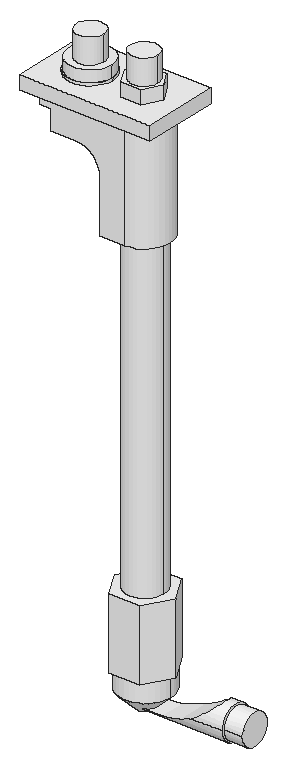
Revit family "MHY-10", category Plumbing Fixtures, host Face, Revit 2026
Family settings
  Host = Face
  Round Connector Dimension = Use Diameter
  Part Type = Normal
  Classification Number = 23.45.55.21
  Enable Cutting in Views = No
  Cut with Voids When Loaded = No
  Maintain Annotation Orientation = No
  Shared = No
  Room Calculation Point = No
Parameters (values of type "MHY-10-14")
  Wall Thikness = 14.000"
  WFU = 0
  URL = "www.mifab.com"
  Model = "MHY-10"
  Manufacturer = "MIFAB"
  Hydrant Material = Chrome Plated
  Description = "Non-Freeze Wall Hydrant"
  Default Elevation = 0.000"
Types (12): name | Wall Thikness
  (no name) | 14.000"
  MHY-10-4 | 4.000"
  MHY-10-6 | 6.000"
  MHY-10-8 | 8.000"
  MHY-10-10 | 10.000"
  MHY-10-12 | 12.000"
  MHY-10-14 | 14.000"
  MHY-10-16 | 16.000"
  MHY-10-18 | 18.000"
  MHY-10-20 | 20.000"
  MHY-10-22 | 22.000"
  MHY-10-24 | 24.000"
Reference planes (in)
  plane 1 "Center (Front/Back)": y = 0
  plane 2: z = 0
  plane 3 "Center (Left/Right)": x = 0
  plane 4: z = -15.7
  plane 5: z = -19.2
  plane 6: z = -1.7
  plane 7: z = -5.364
  plane 8: x = 0.966
Forms (in)
  Extrusion 1, solid, material "Chrome Plated" <- "Hydrant Material"
    sketch origin (-0.41379, 0, -10.36788) x (1, 0, 0) y (0, 1, 0)
      loop
        circle (1.38, 0) r 0.625
    from -5.33212 to 5.00388
  Extrusion 2, solid, material "Chrome Plated" <- "Hydrant Material"
    sketch origin (-0.41379, 0, -18.00514) x (1, 0, 0) y (0, 1, 0)
      loop
        arc (1.38, -0.8125) -> (2.1925, 0) -> (1.38, 0.8125) r 0.8125
        line (1.38, 0.8125) -> (1.38, -0.8125)
    from 12.64114 to 16.30514
  Extrusion 3, solid, material "Chrome Plated" <- "Hydrant Material"
    sketch origin (-0.41379, 0, -18.00514) x (1, 0, 0) y (0, 0, 1)
      loop
        line (-1.398, 16.30514) -> (-1.398, 15.83003) -> (-1.055, 15.78703) -> (-1.055, 15.1529) -> (-0.24047, 15.1529)
        arc (-0.24047, 15.1529) -> (0.31997, 14.92075) -> (0.55211, 14.36031) r 0.79258
        line (0.55211, 14.36031) -> (0.55211, 12.64114) -> (1.38, 12.64114) -> (1.38, 16.30514) -> (-1.398, 16.30514)
    from -0.8125 to 0.8125
  Extrusion 4, solid, material "Chrome Plated" <- "Hydrant Material"
    sketch origin (-0.41379, 0, -10.36788) x (1, 0, 0) y (0, 1, 0)
      loop
        line (-1.71121, -1.25) -> (2.53879, -1.25) -> (2.53879, 1.25) -> (-1.71121, 1.25) -> (-1.71121, -1.25)
    from 8.66788 to 9.11788
  Extrusion 5, solid, material "Chrome Plated" <- "Hydrant Material"
    sketch origin (-10.41379, 0, -10.36788) x (0, 1, 0) y (0, 0, 1)
      loop
        circle (0, -8.28002) r 0.55209
    from 14.36303 to 11.5
  Extrusion 6, void
    sketch origin (-0.94551, 0, -10.42881) x (1, 0, 0) y (0, 0, 1)
      loop
        arc (2.03172, -8.6019) -> (3.49163, -8.39304) -> (4.7131, -7.56661) r 3.28541
        line (4.7131, -7.56661) -> (2.03172, -7.56661) -> (2.03172, -8.6019)
    from -0.8125 to 0.95974
  Extrusion 7, solid, material "Chrome Plated" <- "Hydrant Material"
    sketch origin (-0.95076, 0, -10.36788) x (0, 1, 0) y (0, 0, 1)
      loop
        circle (0, -8.28002) r 0.5
    from 4.9 to 5.5
  Revolve 8, solid, material "Chrome Plated" <- "Hydrant Material"
    sketch origin (0, 0, 0) x (1, 0, 0) y (0, 0, 1)
      loop
        line (0.98038, -15.7) -> (0.13816, -15.7) -> (0.13816, -18.65891) -> (0.69025, -19.2) -> (0.98038, -19.2) -> (0.98038, -15.7)
      axis (0.98038, -15.7) -> (0.98038, -19.2)
    angle from 0 to 360
  Extrusion 9, solid, material "Chrome Plated" <- "Hydrant Material"
    sketch origin (-8.22916, -180, -15.7) x (0, -1, 0) y (-1, 0, 0)
      loop
        line (-180.88671, -9.69718) -> (-179.96366, -10.2301) -> (-179.10612, -9.735) -> (-179.10612, -8.73898) -> (-180, -8.2229) -> (-180.88671, -8.73484) -> (-180.88671, -9.69718)
    from 0 to 2.29542
  Extrusion 10, solid, material "Chrome Plated" <- "Hydrant Material"
    sketch origin (-0.44319, 0, -17.55514) x (1, 0, 0) y (0, 1, 0)
      loop
        circle (-0.38412, 0) r 0.739
    from 16.30514 to 16.37894
  Extrusion 11, solid, material "Chrome Plated" <- "Hydrant Material"
    sketch origin (-0.44319, 0, -17.55514) x (1, 0, 0) y (0, 1, 0)
      loop
        circle (-0.38412, 0) r 0.70723
    from 16.37894 to 16.74065
  Extrusion 12, solid, material "Chrome Plated" <- "Hydrant Material"
    sketch origin (-0.44319, 0, -17.55514) x (1, 0, 0) y (0, 1, 0)
      loop
        circle (-0.38412, 0) r 0.444
    from 16.74065 to 17.55514
  Extrusion 13, solid, material "Chrome Plated" <- "Hydrant Material"
    sketch origin (-0.44319, 0, -17.55514) x (1, 0, 0) y (0, 1, 0)
      loop
        line (0.7505, 0) -> (1.06525, -0.54516) -> (1.69475, -0.54516) -> (2.0095, 0) -> (1.69475, 0.54516) -> (1.06525, 0.54516) -> (0.7505, 0)
    from 16.30514 to 16.74065
  Extrusion 14, solid, material "Chrome Plated" <- "Hydrant Material"
    sketch origin (1.32093, 0, -17.55514) x (1, 0, 0) y (0, 1, 0)
      loop
        circle (-0.38412, 0) r 0.444
    from 16.74065 to 17.55514
Cuts and joins
  Extrusion 6 cuts Extrusion 5
  joined: Extrusion 1, Extrusion 2, Extrusion 3, Extrusion 4, Extrusion 5, Extrusion 7, Revolve 8, Extrusion 9, Extrusion 10, Extrusion 11, Extrusion 12, Extrusion 13, Extrusion 14
Lines and regions (in)
  symbolic lines
    curve 1: line (-2.125, 1.25, -15.7) -> (2.125, 1.25, -15.7)
    curve 2: line (-2.125, -1.25, -15.7) -> (-2.125, 1.25, -15.7)
    curve 3: line (2.125, -1.25, -15.7) -> (-2.125, -1.25, -15.7)
    curve 4: line (2.125, 1.25, -15.7) -> (2.125, -1.25, -15.7)
Dimensions and locks (in)
  Extrusion 6 sketch curve to Extrusion 6 sketch curve = 1.03528"
  locked: plane 4 to plane 5 at 3.5
  locked: Revolve 8 sketch curve to Revolve 8 sketch curve at 2.95891
  locked: Revolve 8 sketch curve to Revolve 8 sketch curve at 0.29013
  locked: plane 6 to plane 7 at 3.664
  plane 3 "Center (Left/Right)" to plane 8 = 0.966"
  locked: cut or joined group 1 (Extrusion 1, Extrusion 2, Extrusion 3, Extrusion 4, Extrusion 5, Extrusion 6, Extrusion 7, Revolve 8, Extrusion 9, Extrusion 10, Extrusion 11, Extrusion 12, Extrusion 13, Extrusion 14) to cut or joined group 1 at 0.45
  "Wall Thikness": plane 6 to plane 4
  Extrusion 4 sketch curve to Extrusion 4 sketch curve = 4.250"
  Extrusion 4 sketch curve to plane 1 "Center (Front/Back)" to Extrusion 4 sketch curve = 1.250", 1.250"
  aligned and locked: plane 2 to host face
  aligned and locked: level to host face
  aligned and locked: Extrusion 3 to Extrusion 1
  aligned and locked: Extrusion 2 to Extrusion 1
  aligned and locked: Extrusion 3 to Extrusion 2
  aligned and locked: Extrusion 6 to Extrusion 2
  aligned and locked: Extrusion 1 to plane 4
  aligned and locked: Extrusion 2 to plane 7
  aligned and locked: Extrusion 9 to Extrusion 6
  aligned and locked: Extrusion 10 to Extrusion 13
  aligned and locked: Extrusion 11 to Extrusion 10
  aligned and locked: Extrusion 11 to Extrusion 12
  aligned and locked: Extrusion 12 to Extrusion 13
  aligned and locked: Extrusion 11 to Extrusion 14
  aligned and locked: Extrusion 13 to Extrusion 11
  aligned and locked: Extrusion 2 to Extrusion 3
  aligned and locked: Extrusion 4 to Extrusion 2
  aligned and locked: Extrusion 4 to Extrusion 10
  aligned and locked: Extrusion 13 to cut or joined group 1
  aligned and locked: Extrusion 10 to cut or joined group 1
  aligned and locked: level to Extrusion 12
  aligned and locked: level to Extrusion 14
  aligned and locked: curve 1 to cut or joined group 1
  aligned and locked: curve 2 to cut or joined group 1
  aligned and locked: curve 3 to cut or joined group 1
  aligned and locked: curve 4 to cut or joined group 1
Automatic sketch dimensions
  host sketch curve to host sketch curve = 20.58785"
  host sketch curve to host sketch curve = 16.42037"
  plane 1 "Center (Front/Back)" to Extrusion 1 sketch curve = 0.000"
  plane 3 "Center (Left/Right)" to Extrusion 1 sketch curve = 0.96621"
  plane 3 "Center (Left/Right)" to Extrusion 2 sketch curve = 0.96621"
  plane 1 "Center (Front/Back)" to Extrusion 2 sketch curve = 0.8125"
  plane 1 "Center (Front/Back)" to Extrusion 2 sketch curve = 0.000"
  Extrusion 3 sketch curve to plane 6 = 0.000"
  Extrusion 3 sketch curve to plane 7 = 0.000"
  Extrusion 3 sketch curve to plane 3 "Center (Left/Right)" = 1.81179"
  plane 3 "Center (Left/Right)" to Extrusion 3 sketch curve = 0.13832"
  plane 7 to Extrusion 3 sketch curve = 1.71917"
  Extrusion 3 sketch curve to Extrusion 3 sketch curve = 0.343"
  Extrusion 3 sketch curve to plane 3 "Center (Left/Right)" = 0.65426"
  plane 3 "Center (Left/Right)" to Extrusion 3 sketch curve = 0.96621"
  Extrusion 3 sketch curve to plane 6 = 0.51811"
  Extrusion 3 sketch curve to Extrusion 3 sketch curve = 0.043"
  Extrusion 5 sketch curve to plane 1 "Center (Front/Back)" = 0.000"
  plane 5 to Extrusion 5 sketch curve = 0.55209"
  plane 3 "Center (Left/Right)" to Extrusion 6 sketch curve = 1.08621"
  plane 5 to Extrusion 6 sketch curve = 0.16929"
  Extrusion 6 sketch curve to Extrusion 6 sketch curve = 2.68138"
  Extrusion 6 sketch curve to plane 4 = 0.05696"
  Extrusion 7 sketch curve to plane 1 "Center (Front/Back)" = 0.000"
  plane 5 to Extrusion 7 sketch curve = 0.55209"
  Revolve 8 sketch curve to plane 4 = 0.000"  (x2)
  Revolve 8 sketch curve to plane 5 = 0.000"
  plane 3 "Center (Left/Right)" to Revolve 8 sketch curve = 0.13816"
  plane 3 "Center (Left/Right)" to Revolve 8 sketch curve = 0.69025"
  plane 3 "Center (Left/Right)" to Revolve 8 sketch curve = 0.98038"
  Revolve 8 sketch curve to plane 5 = 1.739"
  plane 1 "Center (Front/Back)" to Extrusion 9 sketch curve = 0.000"
  Extrusion 9 sketch curve to plane 3 "Center (Left/Right)" = 0.00626"
  Extrusion 9 sketch curve to plane 1 "Center (Front/Back)" = 0.88671"
  plane 1 "Center (Front/Back)" to Extrusion 9 sketch curve = 0.03634"
  plane 1 "Center (Front/Back)" to Extrusion 9 sketch curve = 0.89388"
  Extrusion 9 sketch curve to plane 8 = 0.46032"
  Extrusion 9 sketch curve to plane 8 = 0.45618"
  plane 8 to Extrusion 9 sketch curve = 0.50202"
  plane 8 to Extrusion 9 sketch curve = 0.53985"
  Extrusion 9 sketch curve to Extrusion 9 sketch curve = 0.4951"
  plane 1 "Center (Front/Back)" to Extrusion 10 sketch curve = 0.000"
  Extrusion 10 sketch curve to plane 3 "Center (Left/Right)" = 0.82731"
  plane 1 "Center (Front/Back)" to Extrusion 11 sketch curve = 0.000"
  Extrusion 11 sketch curve to plane 3 "Center (Left/Right)" = 0.82731"
  plane 1 "Center (Front/Back)" to Extrusion 12 sketch curve = 0.000"
  Extrusion 12 sketch curve to plane 3 "Center (Left/Right)" = 0.82731"
  plane 1 "Center (Front/Back)" to Extrusion 13 sketch curve = 0.000"  (x2)
  plane 3 "Center (Left/Right)" to Extrusion 13 sketch curve = 0.30731"
  plane 1 "Center (Front/Back)" to Extrusion 13 sketch curve = 0.54516"
  plane 3 "Center (Left/Right)" to Extrusion 13 sketch curve = 0.62206"  (x2)
  Extrusion 13 sketch curve to plane 1 "Center (Front/Back)" = 0.54516"
  Extrusion 13 sketch curve to Extrusion 13 sketch curve = 0.6295"  (x2)
  Extrusion 13 sketch curve to Extrusion 13 sketch curve = 0.31475"
  plane 1 "Center (Front/Back)" to Extrusion 14 sketch curve = 0.000"
  plane 3 "Center (Left/Right)" to Extrusion 14 sketch curve = 0.93681"
  Extrusion 4 sketch curve to plane 3 "Center (Left/Right)" = 2.125"
  radius of Extrusion 1 sketch curve = 0.625"
  radius of Extrusion 5 sketch curve = 0.55209"
  radius of Extrusion 7 sketch curve = 0.500"
  radius of Extrusion 10 sketch curve = 0.739"
  radius of Extrusion 11 sketch curve = 0.70723"
  radius of Extrusion 12 sketch curve = 0.444"
  radius of Extrusion 14 sketch curve = 0.444"
Connectors (in)
  piping at (4.54924, 0, -18.64791), diameter 1
    settings: on Extrusion 7, index 3, connector inside diameter 1", connector length 0.000", flow factor 0, pipe flow 0 GPM, pressure drop 0.00 psi, fitting loss kfactor 0, connector angle 0.00°, fixture units 0, engagement length 0.000", angle of deflection 0.00°, flow configuration 0, flow direction 0, fitting loss method 0, system type 7, joint type 0, gender type 0, connector reference index -1, connector utility 0, adjustable connector no, is connector primary yes, connector description "INLET"
  piping at (-0.82731, 0, 0), diameter 1.5
    settings: on cut or joined group 1, index 4, connector inside diameter 1 1/2", connector length 0.000", flow factor 0, pipe flow 0 GPM, pressure drop 0.00 psi, fitting loss kfactor 0, connector angle 0.00°, fixture units 0, engagement length 0.000", angle of deflection 0.00°, flow configuration 0, flow direction 0, fitting loss method 0, system type 7, joint type 0, gender type 0, connector reference index -1, connector utility 0, adjustable connector no, is connector primary no, connector description "MALE HOSE"
